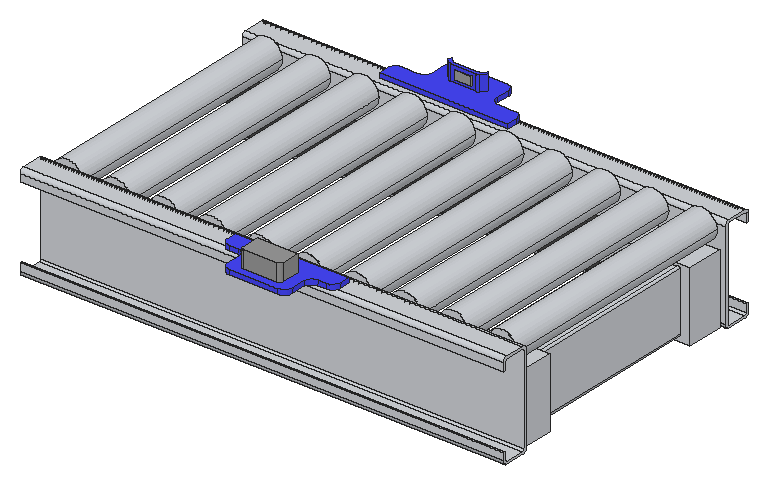
Revit family "C380_EXIT", category Specialty Equipment, Revit 2025
Family settings
  Round Connector Dimension = Use Diameter
  Part Type = Normal
  Work Plane-Based = No
  Enable Cutting in Views = No
  Always vertical = Yes
  Cut with Voids When Loaded = No
  Maintain Annotation Orientation = No
  Shared = No
  Room Calculation Point = No
Parameters (values of type "C351- 18"")
  Weight [instance] = 0
  Version = ""
  Subsystem [instance] = ""
  Special_Part_Number [instance] = ""
  Special_Description [instance] = ""
  Special_Bed [instance] = no
  Segment [instance] = ""
  SIO_Block_Number [instance] = ""
  SENSOR_ARRY [instance] = CLR_ZONES + CLR_SENSOR_SKEW  # 3' - 6"
  PULLY_LENGTH [instance] = CLR_NOMINAL_WIDTH - 0' 2 1/2" - 0' 4 5/8"  # 0' - 10 7/8"
  PHOTO_EYE_ARRAY [instance] = CLR_ZONES + CLR_PhotoEye_SP  # 3' - 2"
  Material_Number [instance] = ""
  MCP [instance] = ""
  Lookup Table Name [instance] = "PHOTO_EYE - C380"
  Load_Envelope_Height [instance] = 1' - 0"
  Load_Envelope [instance] = no
  IO_Block_Number [instance] = ""
  Field_Cut [instance] = no
  Estop_Zone [instance] = ""
  Error_State [instance] = no
  Default Elevation = 0' - 0"
  Conveyor_Number [instance] = "100"
  Conveyor_Elevation_Out [instance] = Conveyor_Elevation_In  # 2' - 6"
  Conveyor_Elevation_In [instance] = 2' - 6"
  CLR_ZONE_CONTROL = "N"
  CLR_ZONES [instance] = 2' - 0"
  CLR_VFD = no
  CLR_TE_POSITION = "N"
  CLR_TAKE_UP_SPRING_QUANTITY = 0
  CLR_TAKE_UP = "N"
  CLR_SUBCLASS = ""
  CLR_SPRING_COVER [instance] = no
  CLR_SPEED_FPM = 0
  CLR_SLAVE_RATIO = "N"
  CLR_SENSOR_SKEW [instance] = size_lookup(Lookup Table Name, "CSS", CLR_PhotoEye_SP, CLR_NOMINAL_WIDTH, CLR_ZONES, CLR_SENSOR_ANGLE)  # 1' - 6"
  CLR_SENSOR_MOUNT [instance] = "Side"
  CLR_SENSOR_HAND [instance] = "Left"
  CLR_SENSOR_ANGLE [instance] = 9.00°
  CLR_ROLLER_NUM [instance] = CLR_BED_LENGTH / CLR_ROLLER_CENTER  # 10
  CLR_ROLLER_CENTER [instance] = 0' - 3"
  CLR_PhotoEye_SP [instance] = if(CLR_ZONES = 3' 0", 1' 6", if(CLR_ZONES = 2' 0", 1' 2", 1' 2"))  # 1' - 2"
  CLR_PULLEY_TYPE = "N"
  CLR_POPOUT_CARRYING_ROLLERS [instance] = no
  CLR_NOMINAL_WIDTH + 1" [instance] = CLR_NOMINAL_WIDTH + 0' 1"  # 1' - 7"
  CLR_NOMINAL_WIDTH  -2.5" [instance] = CLR_NOMINAL_WIDTH - 0' 2 1/2"  # 1' - 3 1/2"
  CLR_NOMINAL_WIDTH [instance] = if(Bed_Width = 1' 6", 1' 6", if(Bed_Width = 2' 0", 2' 0", if(Bed_Width = 2' 6", 2' 6", if(Bed_Width = 3' 0", 3' 0", if(Bed_Width = 3' 6", 3' 6", 1' 6")))))  # 1' - 6"
  CLR_MOTOR_VOLTAGE = "N"
  CLR_MOTOR_TYPE = "N"
  CLR_MOTOR_HP = 0
  CLR_MODULE = ""
  CLR_LIFTER_ROLLER_CENTER [instance] = 0' - 6"
  CLR_FINGER_GUARD [instance] = no
  CLR_DRIVE_TRAIN_TYPE = "N"
  CLR_DRIVE_SIZE = 0
  CLR_CONTROL_VOLTAGE = "N"
  CLR_CONTROL_DEVICE = "N"
  CLR_CONNECTION_KIT = "N"
  CLR_CARRYING_ROLLER [instance] = "Standard\r\nStandard\r\nStandard"
  CLR_BOTTOM_COVERS [instance] = no
  CLR_BED_LENGTH [instance] = Bed_Length  # 2' - 6"
  CLR_ASSEMBLY_HAND = "N"
  CLR_AIR_BRAKE = 0
  Belting [instance] = if(Bed_Width = 1' 6", 0' 8", if(Bed_Width = 2' 0", 0' 8", if(Bed_Width = 2' 6", 0' 8", if(Bed_Width = 3' 0", 0' 8", if(Bed_Width = 3' 6", 0' 8", 0' 8")))))  # 0' - 8"
  Bed_Width [instance] = 1' - 6"
  Bed_Length [instance] = if(CLR_ZONES = 3' 0", 3' 6", if(CLR_ZONES = 2' 0", 2' 6", 3' 6"))  # 2' - 6"
  BREAK_ENTRY_LEN [instance] = if(CLR_ZONES = 3' 0", 1' 11 225/256", if(CLR_ZONES = 2' 0", 0' 11 223/256", 1' 11 225/256"))  # 0' - 11 223/256"
  BOTTOM_COVERS_LENGTH [instance] = Bed_Length  # 2' - 6"
  Asset ID [instance] = ""
  Air_Consumption [instance] = 0
Types (5): name | SENSOR_ARRY | PULLY_LENGTH | PHOTO_EYE_ARRAY | Lookup Table Name | Load_Envelope_Height | Conveyor_Elevation_Out | Conveyor_Elevation_In | CLR_ZONES | CLR_SENSOR_SKEW | CLR_ROLLER_NUM | CLR_PhotoEye_SP | CLR_NOMINAL_WIDTH + 1" | CLR_NOMINAL_WIDTH  -2.5" | CLR_NOMINAL_WIDTH | CLR_BED_LENGTH | Bed_Width | Bed_Length | BREAK_ENTRY_LEN | BOTTOM_COVERS_LENGTH
  C351- 18" | 3' - 6" | 0' - 10 7/8" | 3' - 2" | "PHOTO_EYE - C380" | 1' - 0" | 2' - 6" | 2' - 6" | 2' - 0" | 1' - 6" | 10 | 1' - 2" | 1' - 7" | 1' - 3 1/2" | 1' - 6" | 2' - 6" | 1' - 6" | 2' - 6" | 0' - 11 223/256" | 2' - 6"
  C351- 24" | 4' - 4" | 1' - 4 7/8" | 4' - 6" | "PHOTO_EYE" | 1' - 0" | 2' - 6" | 2' - 6" | 3' - 0" | 1' - 4" | 14 | 1' - 6" | 2' - 1" | 1' - 9 1/2" | 2' - 0" | 3' - 6" | 2' - 0" | 3' - 6" | 1' - 11 225/256" | 3' - 6"
  C351- 30" | 4' - 6" | 1' - 10 7/8" | 4' - 6" | "PHOTO_EYE" | 1' - 0" | 2' - 7 51/256" | 2' - 7 51/256" | 3' - 0" | 1' - 6" | 14 | 1' - 6" | 2' - 7" | 2' - 3 1/2" | 2' - 6" | 3' - 6" | 2' - 6" | 3' - 6" | 1' - 11 225/256" | 3' - 6"
  C351- 36" | 3' - 2" | 2' - 4 7/8" | 3' - 2" | "PHOTO_EYE" | 0' - 11.55696" | 2' - 6.44304" | 2' - 6.44304" | 2' - 0" | 1' - 2" | 10 | 1' - 2" | 3' - 1" | 2' - 9 1/2" | 3' - 0" | 2' - 6" | 3' - 0" | 2' - 6" | 0' - 11 223/256" | 2' - 6"
  C351- 42" | 4' - 8" | 2' - 10 7/8" | 4' - 6" | "PHOTO_EYE" | 1' - 0" | 2' - 7 51/256" | 2' - 7 51/256" | 3' - 0" | 1' - 8" | 14 | 1' - 6" | 3' - 7" | 3' - 3 1/2" | 3' - 6" | 3' - 6" | 3' - 6" | 3' - 6" | 1' - 11 225/256" | 3' - 6"
Reference planes (in)
  plane 1 "Centerline": y = 0
  plane 2: z = 0
  plane 3 "Entry_End": x = 0
  plane 4 "Top_of_Roller": z = 30
  plane 5 "Top_of_SideFrame": z = 29.71
  plane 6 "Bot_of_SideFrame": z = 23.71
  plane 7 "LH_Out": y = 9.5
  plane 8 "RH_Out": y = -9.5
  plane 9 "RH_In": y = -7.75
  plane 10 "LH_In": y = 7.75
  plane 11 "Exit_End": x = 30
  plane 12 "PhotoEye_SP": x = 16
  plane 13 "Sensor_Skew": x = 12
  plane 14: x = 60.81944
  plane 15: y = -38.13976
  plane 16: z = 30
  plane 17: z = 42
  plane 18: y = -7.75
  plane 19: y = 7.75
  plane 20: x = 23.75
  plane 21: x = 12.25
  plane 22: y = 7
  plane 23: x = 11.75
  plane 24: x = 0.25
  plane 25: y = 7
  plane 26: y = 6.25
  plane 27: y = 6.25
  plane 28 "BREAK": z = 27.805
  plane 29: x = 12
  plane 30: x = 31.33658
  plane 31: x = 19.83658
  plane 32: y = 25.5
  plane 33: x = 19.33658
  plane 34: x = 7.83658
  plane 35: y = 25.5
  plane 36: y = 24.75
  plane 37: y = 24.75
  plane 38: x = 19.58658
  plane 39: x = 19.58658
  plane 40: x = 7.83658
  plane 41: y = 7
  plane 42: y = 25.5
  plane 43: y = 5.4375
  plane 44: y = -5.4375
Forms (in)
  Extrusion 1, solid, detail levels coarse+medium
    sketch origin (0, 0, 0) x (0, 1, 0) y (0, 0, 1)
      loop
        line (9.5, 29.71) -> (-9.5, 29.71) -> (-9.5, 23.71) -> (9.5, 23.71) -> (9.5, 29.71)
    from 0 to 30
  Extrusion 2, solid, material "Load Envelope", visible <- "Load_Envelope"
    sketch origin (0, 0, 0) x (0, 1, 0) y (0, 0, 1)
      loop
        line (7.75, 42) -> (-7.75, 42) -> (-7.75, 30) -> (7.75, 30) -> (7.75, 42)
    from 0 to 30
  Extrusion 3, solid, material "BREAK"
    sketch origin (-92.75, -32.40488, 22.32745) x (0, 1, 0) y (-1, 0, 0)
      loop
        line (39.40488, -116.5) -> (39.40488, -105) -> (39.15488, -105) -> (39.15488, -104.5) -> (39.40488, -104.5) -> (39.40488, -93) -> (38.65488, -93) -> (38.65488, -104.5) -> (38.90488, -104.5) -> (38.90488, -105) -> (38.65488, -105) -> (38.65488, -116.5) -> (39.40488, -116.5)
    from 2.81755 to 5.47755
  Extrusion 4, solid, material "BREAK", not visible
    sketch origin (-85.16342, -13.90488, 22.77048) x (0, 1, 0) y (-1, 0, 0)
      loop
        line (39.40488, -116.5) -> (39.40488, -105) -> (39.15488, -105) -> (39.15488, -104.5) -> (39.40488, -104.5) -> (39.40488, -93) -> (38.65488, -93) -> (38.65488, -104.5) -> (38.90488, -104.5) -> (38.90488, -105) -> (38.65488, -105) -> (38.65488, -116.5) -> (39.40488, -116.5)
    from 2.81755 to 5.47755
  Extrusion 5, solid
    sketch origin (29.07374, -6.93, 0) x (-1, 0, 0) y (0, 0, 1)
      loop
        circle (2.57374, 25.93) r 1.94
    from 1.4925 to 12.3675
  Extrusion 6, solid
    sketch origin (30, -5.44, 0) x (1, 0, 0) y (0, 0, 1)
      loop
        line (-0.38, 28.04) -> (-6, 28.04) -> (-6, 23.71) -> (-0.38, 23.71) -> (-0.38, 28.04)
    from 0 to 2.31
  Extrusion 7, solid, detail levels fine
    sketch origin (30, 13.75, 0) x (1, 0, 0) y (0, 0, 1)
      loop
        line (-0.38, 28.04) -> (-6, 28.04) -> (-6, 23.71) -> (-0.38, 23.71) -> (-0.38, 28.04)
    from 6 to 8.31
  Extrusion 8, solid
    sketch origin (30.1444, 3, 0) x (-1, 0, 0) y (0, 0, 1)
      loop
        arc (1.1444, 24.115) -> (1.18102, 24.02661) -> (1.2694, 23.99) r 0.125
        line (1.2694, 23.99) -> (1.8944, 23.99) -> (1.8944, 24.06813) -> (1.2869, 24.06813)
        arc (1.2869, 24.06813) -> (1.24271, 24.08643) -> (1.2244, 24.13063) r 0.0625
        line (1.2244, 24.13063) -> (1.2244, 27.72938)
        arc (1.2244, 27.72938) -> (1.24271, 27.77357) -> (1.2869, 27.79188) r 0.0625
        line (1.2869, 27.79188) -> (1.8944, 27.79188) -> (1.8944, 27.87) -> (1.2694, 27.87)
        arc (1.2694, 27.87) -> (1.18102, 27.83339) -> (1.1444, 27.745) r 0.125
        line (1.1444, 27.745) -> (1.1444, 24.115)
    from -8.4375 to 2.4375
Lines and regions (in)
  model lines, style "Belt"
    curve 1: line (0, 4, 30) -> (30, 4, 30)
    curve 2: line (0, -4, 30) -> (0, 4, 30)
    curve 3: line (30, -4, 30) -> (0, -4, 30)
    curve 4: line (30, 4, 30) -> (30, -4, 30)
  model lines, style "Centerline"
    curve 5: line (0, 0, 30) -> (30, 0, 30)
  model lines, style "Flow Arrow", not visible
    curve 6: line (108.81944, -38.13976, 30) -> (132.81944, -38.13976, 30)
    curve 7: line (132.81944, -38.13976, 30) -> (122.42713, -32.13976, 30)
    curve 8: line (132.81944, -38.13976, 30) -> (122.42713, -44.13976, 30)
Dimensions and locks (in)
  equal spacing: plane 10 "LH_In", plane 1 "Centerline", plane 9 "RH_In"
  "CLR_NOMINAL_WIDTH  -2.5"": plane 10 "LH_In" to plane 9 "RH_In"
  equal spacing: plane 7 "LH_Out", plane 1 "Centerline", plane 8 "RH_Out"
  "CLR_NOMINAL_WIDTH + 1"": plane 7 "LH_Out" to plane 8 "RH_Out"
  "Conveyor_Elevation_In": plane 4 "Top_of_Roller" to level
  locked: plane 4 "Top_of_Roller" to plane 5 "Top_of_SideFrame" at 0.29
  locked: plane 5 "Top_of_SideFrame" to plane 6 "Bot_of_SideFrame" at 6
  locked: nested 1 to plane 6 "Bot_of_SideFrame"
  locked: nested 1 to plane 10 "LH_In"
  locked: plane 6 "Bot_of_SideFrame" to nested 2
  locked: plane 9 "RH_In" to nested 2
  locked: plane 3 "Entry_End" to nested 3 at 1.5
  locked: plane 4 "Top_of_Roller" to nested 3
  equal spacing: group 1, group 2, group 3, group 4, group 5, group 6, group 7, group 8, group 12, group 13  (x3)
  locked: plane 3 "Entry_End" to nested 4 at 4.5
  "CLR_BED_LENGTH": plane 3 "Entry_End" to plane 11 "Exit_End"
  "CLR_PhotoEye_SP": plane 11 "Exit_End" to plane 12 "PhotoEye_SP"
  "CLR_SENSOR_SKEW": plane 11 "Exit_End" to plane 13 "Sensor_Skew"
  locked: plane 5 "Top_of_SideFrame" to nested 11
  locked: plane 8 "RH_Out" to nested 12
  locked: plane 5 "Top_of_SideFrame" to nested 12
  equal spacing: curve 3, plane 1 "Centerline", curve 1
  "Belting": curve 3 to curve 1
  equal spacing: plane 19, plane 1 "Centerline", plane 18
  "CLR_NOMINAL_WIDTH  -2.5"": plane 19 to plane 18
  "Load_Envelope_Height": plane 17 to plane 16
  locked: plane 3 "Entry_End" to nested 15
  locked: plane 27 to plane 22 at 0.75
  locked: plane 26 to plane 25 at 0.75
  plane 23 to plane 21 = 0' - 0 1/2"
  locked: plane 24 to plane 23 at 11.5
  locked: plane 21 to plane 20 at 11.5
  locked: plane 28 "BREAK" to plane 4 "Top_of_Roller" at 2.195
  Extrusion 3 to Extrusion 3 = 0' - 2.66"
  locked: plane 29 to Extrusion 3 sketch curve at 0.25
  locked: Extrusion 3 sketch curve to plane 29 at 0.25
  locked: plane 37 to plane 32 at 0.75
  locked: plane 36 to plane 35 at 0.75
  plane 33 to plane 31 = 0' - 0 1/2"
  locked: plane 34 to plane 33 at 11.5
  locked: plane 31 to plane 30 at 11.5
  locked: plane 38 to Extrusion 4 sketch curve at 0.25
  locked: Extrusion 4 sketch curve to plane 38 at 0.25
  locked: plane 41 to plane 10 "LH_In" at 0.75
  locked: plane 41 to Extrusion 3
  locked: Extrusion 6 sketch curve to Extrusion 6 sketch curve at 5.62
  locked: Extrusion 7 sketch curve to Extrusion 7 sketch curve at 5.62
  locked: Extrusion 8 sketch curve to Extrusion 8 sketch curve at 0.08
  locked: Extrusion 7 to plane 10 "LH_In"
  equal spacing: plane 43, plane 1 "Centerline", plane 44  (x2)
  locked: Extrusion 7 to Extrusion 7 at 2.31
  plane 43 to Extrusion 7 = 0' - 0.0025"
  Extrusion 8 to plane 43 = 0' - 0"
  locked: plane 44 to Extrusion 5
  locked: plane 44 to Extrusion 8
  locked: Extrusion 6 to Extrusion 6 at 2.31
  locked: Extrusion 6 to plane 9 "RH_In"
  locked: plane 11 "Exit_End" to Extrusion 6 at 0.38
  locked: plane 11 "Exit_End" to Extrusion 7 at 0.38
  locked: plane 11 "Exit_End" to Extrusion 5 sketch curve at 3.5
  locked: Extrusion 5 sketch curve to plane 6 "Bot_of_SideFrame" at 2.22
  locked: plane 11 "Exit_End" to Extrusion 8 at 1
  locked: plane 28 "BREAK" to Extrusion 3
  locked: Extrusion 3 to plane 11 "Exit_End" at 6.25
  "PULLY_LENGTH": plane 43 to plane 44
  aligned and locked: level to plane 2
  aligned and locked: plane 3 "Entry_End" to nested 1
  aligned and locked: plane 3 "Entry_End" to nested 2
  aligned and locked: plane 1 "Centerline" to nested 3
  aligned and locked: nested 11 to plane 13 "Sensor_Skew"
  aligned and locked: plane 7 "LH_Out" to nested 11
  aligned and locked: plane 12 "PhotoEye_SP" to nested 12
  aligned and locked: plane 3 "Entry_End" to curve 2
  aligned and locked: curve 4 to plane 11 "Exit_End"
  aligned and locked: Extrusion 1 to plane 7 "LH_Out"
  aligned and locked: plane 5 "Top_of_SideFrame" to Extrusion 1
  aligned and locked: Extrusion 1 to plane 6 "Bot_of_SideFrame"
  aligned and locked: plane 11 "Exit_End" to Extrusion 1
  aligned and locked: plane 4 "Top_of_Roller" to plane 16
  aligned and locked: plane 17 to Extrusion 2 sketch curve
  aligned and locked: Extrusion 2 sketch curve to plane 10 "LH_In"
  aligned and locked: Extrusion 2 sketch curve to nested 3  (x2)
  aligned and locked: plane 11 "Exit_End" to Extrusion 2
  aligned and locked: nested 15 to plane 6 "Bot_of_SideFrame"
  aligned and locked: plane 1 "Centerline" to nested 15
  aligned and locked: Extrusion 3 sketch curve to plane 22
  aligned and locked: Extrusion 3 sketch curve to plane 20
  aligned and locked: Extrusion 3 sketch curve to plane 27
  aligned and locked: Extrusion 3 sketch curve to plane 26
  aligned and locked: Extrusion 3 sketch curve to plane 24
  aligned and locked: Extrusion 4 sketch curve to plane 32
  aligned and locked: Extrusion 4 sketch curve to plane 30
  aligned and locked: Extrusion 4 sketch curve to plane 37
  aligned and locked: Extrusion 4 sketch curve to plane 36
  aligned and locked: Extrusion 4 sketch curve to plane 35
  aligned and locked: Extrusion 4 sketch curve to plane 34
  aligned and locked: plane 4 "Top_of_Roller" to nested 14
  aligned and locked: Extrusion 5 to plane 44
  aligned and locked: plane 43 to Extrusion 5
  aligned and locked: plane 43 to Extrusion 8
Automatic sketch dimensions
  plane 9 "RH_In" to Extrusion 1 sketch curve = 0' - 1 3/4"
  Extrusion 1 sketch curve to plane 10 "LH_In" = 0' - 1 3/4"
  Extrusion 1 sketch curve to plane 6 "Bot_of_SideFrame" = 0' - 0"
  plane 6 "Bot_of_SideFrame" to Extrusion 1 sketch curve = 0' - 6"
  plane 1 "Centerline" to curve 5 = 0' - 0"
  Extrusion 3 sketch curve to plane 21 = 0' - 0"
  Extrusion 3 sketch curve to plane 23 = 0' - 0"
  Extrusion 3 sketch curve to Extrusion 3 sketch curve = 0' - 0 1/4"
  plane 22 to Extrusion 3 sketch curve = 0' - 0 1/4"
  Extrusion 4 sketch curve to plane 31 = 0' - 0"
  Extrusion 4 sketch curve to plane 33 = 0' - 0"
  Extrusion 4 sketch curve to Extrusion 4 sketch curve = 0' - 0 1/4"
  plane 32 to Extrusion 4 sketch curve = 0' - 0 1/4"
  Extrusion 3 sketch curve to plane 22 = 0' - 0"
  Extrusion 6 sketch curve to plane 6 "Bot_of_SideFrame" = 0' - 0"
  plane 28 "BREAK" to Extrusion 6 sketch curve = 0' - 0.235"
  Extrusion 6 sketch curve to plane 11 "Exit_End" = 0' - 6"
  Extrusion 7 sketch curve to plane 6 "Bot_of_SideFrame" = 0' - 0"
  plane 28 "BREAK" to Extrusion 7 sketch curve = 0' - 0.235"
  Extrusion 7 sketch curve to plane 11 "Exit_End" = 0' - 6"
  plane 6 "Bot_of_SideFrame" to Extrusion 8 sketch curve = 0' - 0.405"
  Extrusion 8 sketch curve to plane 11 "Exit_End" = 0' - 1"
  Extrusion 8 sketch curve to Extrusion 8 sketch curve = 0' - 0.045"  (x2)
  plane 28 "BREAK" to Extrusion 8 sketch curve = 0' - 0.065"
  Extrusion 8 sketch curve to Extrusion 8 sketch curve = 0' - 0.0175"  (x2)
  Extrusion 8 sketch curve to Extrusion 8 sketch curve = 0' - 0.6075"  (x2)
  Extrusion 8 sketch curve to Extrusion 8 sketch curve = 0' - 0 5/64"
  Extrusion 8 sketch curve to Extrusion 8 sketch curve = 0' - 0 1/64"
  radius of Extrusion 5 sketch curve = 0' - 1.94"
Nested families (in)
  nested 1: "SW0024A" at (15, 8.625, -0.29) x (0, -1, 0) z (0, 0, 1), Bed_Length <- "CLR_BED_LENGTH", type "SW0024A", detail levels fine
    with Conveyor_Elevation_In 2' - 6", Bed_Length 2' - 6"
  nested 2: "SW0023A" at (15, -8.625, -0.29) x (0, -1, 0) z (0, 0, 1), Bed_Length <- "CLR_BED_LENGTH", type "SW0023A", detail levels fine
    with Conveyor_Elevation_In 2' - 6", Bed_Length 2' - 6"
  nested 3: "SW0289" at (1.5, 0, 0), B <- "CLR_NOMINAL_WIDTH  -2.5"", type "SW0289", detail levels fine
    with Conveyor_Elevation_In 2' - 6", B 1' - 3 1/2"
  nested 4: "SW0289" at (4.5, 0, 0), B <- "CLR_NOMINAL_WIDTH  -2.5"", type "SW0289", detail levels fine
    with Conveyor_Elevation_In 2' - 6", B 1' - 3 1/2"
  nested 5: "SW0289" at (7.5, 0, 0), B <- "CLR_NOMINAL_WIDTH  -2.5"", type "SW0289", detail levels fine
    with Conveyor_Elevation_In 2' - 6", B 1' - 3 1/2"
  nested 6: "SW0289" at (10.5, 0, 0), B <- "CLR_NOMINAL_WIDTH  -2.5"", type "SW0289", detail levels fine
    with Conveyor_Elevation_In 2' - 6", B 1' - 3 1/2"
  nested 7: "SW0289" at (13.5, 0, 0), B <- "CLR_NOMINAL_WIDTH  -2.5"", type "SW0289", detail levels fine
    with Conveyor_Elevation_In 2' - 6", B 1' - 3 1/2"
  nested 8: "SW0289" at (16.5, 0, 0), B <- "CLR_NOMINAL_WIDTH  -2.5"", type "SW0289", detail levels fine
    with Conveyor_Elevation_In 2' - 6", B 1' - 3 1/2"
  nested 9: "SW0289" at (19.5, 0, 0), B <- "CLR_NOMINAL_WIDTH  -2.5"", type "SW0289", detail levels fine
    with Conveyor_Elevation_In 2' - 6", B 1' - 3 1/2"
  nested 10: "SW0289" at (22.5, 0, 0), B <- "CLR_NOMINAL_WIDTH  -2.5"", type "SW0289", detail levels fine
    with Conveyor_Elevation_In 2' - 6", B 1' - 3 1/2"
  nested 11: "SW0014" at (12, 9.5, -0.00094), type "SW0014"
  nested 12: "SW0037-01" at (16, -9.5, -0.00094), type "SW0037-01"
    with Conveyor_Elevation_In 2' - 5 91/128"
  nested 13: "SW0289" at (25.5, 0, 0), B <- "CLR_NOMINAL_WIDTH  -2.5"", type "SW0289", detail levels fine
    with Conveyor_Elevation_In 2' - 6", B 1' - 3 1/2"
  nested 14: "SW0289" at (28.5, 0, 0), B <- "CLR_NOMINAL_WIDTH  -2.5"", type "SW0289", detail levels fine
    with Conveyor_Elevation_In 2' - 6", B 1' - 3 1/2"
  nested 15: "SW0046" at (15, 0, 0), CLR_NOMINAL_WIDTH <- "CLR_NOMINAL_WIDTH  -2.5"", bottom cover length <- "BOTTOM_COVERS_LENGTH", visible <- "CLR_BOTTOM_COVERS", type "SW0046", detail levels fine
    with bottom cover length 30.000", Nominal wedith 15.268", CLR_NOMINAL_WIDTH 1' - 3 1/2"
Connectors (in)
  cabletrayconduit at (30, 0, 26.71), diameter 6
    settings: on Extrusion 1, index 1, connector width 1' - 0", connector height 1' - 0", connector angle 0.00°, system type 32, placement type 0, profile type 0, connector reference index -1, is primary connector yes, connector utility param no, connector description ""
  cabletrayconduit at (0, 0, 26.71), diameter 6
    settings: on Extrusion 1, index 2, connector width 1' - 0", connector height 1' - 0", connector angle 0.00°, system type 32, placement type 0, profile type 0, connector reference index -1, is primary connector no, connector utility param no, connector description ""
Definition of nested family "SW0024A"
  Parameters (values of type "SW0024A")
    Description = "SW0001A - 6.00 X 1.75 X \"A\" LG"
    Default Elevation = 0' - 0"
    Conveyor_Elevation_In [instance] = 2' - 6"
    Bed_Length [instance] = 12' - 0"
  Reference planes (in)
    plane 1 "Center (Front/Back)": y = 0
    plane 2: z = 0
    plane 3 "Centerline": x = 0
    plane 4 "Bot_of_SideFrame": z = 24
    plane 5 "Top_of_SideFrame": z = 30
    plane 6 "LH_Out": x = 0.875
    plane 7 "LH_In": x = -0.875
    plane 8 "Entry_End": y = -72
    plane 9 "Exit_End": y = 72
  Forms (in)
    Extrusion 1, solid
      sketch origin (0, 0, 0) x (1, 0, 0) y (0, 0, 1)
        loop
          arc (-0.615, 30) -> (-0.79885, 29.92385) -> (-0.875, 29.74) r 0.26
          line (-0.875, 29.74) -> (-0.875, 29.25) -> (-0.74609, 29.25) -> (-0.74609, 29.75109)
          arc (-0.74609, 29.75109) -> (-0.71095, 29.83595) -> (-0.62609, 29.87109) r 0.12
          line (-0.62609, 29.87109) -> (0.62609, 29.87109)
          arc (0.62609, 29.87109) -> (0.71095, 29.83595) -> (0.74609, 29.75109) r 0.12
          line (0.74609, 29.75109) -> (0.74609, 24.24891)
          arc (0.74609, 24.24891) -> (0.71095, 24.16405) -> (0.62609, 24.12891) r 0.12
          line (0.62609, 24.12891) -> (-0.62609, 24.12891)
          arc (-0.62609, 24.12891) -> (-0.71095, 24.16405) -> (-0.74609, 24.24891) r 0.12
          line (-0.74609, 24.24891) -> (-0.74609, 24.75) -> (-0.875, 24.75) -> (-0.875, 24.26)
          arc (-0.875, 24.26) -> (-0.79885, 24.07615) -> (-0.615, 24) r 0.26
          line (-0.615, 24) -> (0.615, 24)
          arc (0.615, 24) -> (0.79885, 24.07615) -> (0.875, 24.26) r 0.26
          line (0.875, 24.26) -> (0.875, 29.74)
          arc (0.875, 29.74) -> (0.79885, 29.92385) -> (0.615, 30) r 0.26
          line (0.615, 30) -> (-0.615, 30)
      from -72 to 72
  Dimensions and locks (in)
    "Conveyor_Elevation_In": plane 5 "Top_of_SideFrame" to level
    locked: plane 5 "Top_of_SideFrame" to plane 4 "Bot_of_SideFrame" at 6
    equal spacing: plane 6 "LH_Out", plane 3 "Centerline", plane 7 "LH_In"
    plane 6 "LH_Out" to plane 7 "LH_In" = 0' - 1 3/4"
    plane 6 "LH_Out" to plane 3 "Centerline" = 0' - 0 7/8"
    equal spacing: plane 9 "Exit_End", plane 1 "Center (Front/Back)", plane 8 "Entry_End"
    "Bed_Length": plane 9 "Exit_End" to plane 8 "Entry_End"
    aligned and locked: plane 2 to level
    aligned and locked: Extrusion 1 sketch curve to plane 5 "Top_of_SideFrame"
    aligned and locked: plane 7 "LH_In" to Extrusion 1 sketch curve
    aligned and locked: plane 4 "Bot_of_SideFrame" to Extrusion 1 sketch curve
    aligned and locked: plane 6 "LH_Out" to Extrusion 1 sketch curve
    aligned and locked: Extrusion 1 to plane 8 "Entry_End"
    aligned and locked: plane 9 "Exit_End" to Extrusion 1
  Automatic sketch dimensions
    Extrusion 1 sketch curve to plane 7 "LH_In" = 0' - 0"
    Extrusion 1 sketch curve to Extrusion 1 sketch curve = 0' - 0 33/256"  (x2)
    Extrusion 1 sketch curve to Extrusion 1 sketch curve = 0' - 0.12"  (x3)
    Extrusion 1 sketch curve to Extrusion 1 sketch curve = 0' - 0.01109"  (x5)
    Extrusion 1 sketch curve to plane 5 "Top_of_SideFrame" = 0' - 0.26"
    plane 6 "LH_Out" to Extrusion 1 sketch curve = 0' - 0.26"
    plane 4 "Bot_of_SideFrame" to Extrusion 1 sketch curve = 0' - 0 33/256"
    Extrusion 1 sketch curve to Extrusion 1 sketch curve = 0' - 0.49"  (x2)
Definition of nested family "SW0023A"
  Parameters (values of type "SW0023A")
    Description = "SW0001A - 6.00 X 1.75 X \"A\" LG"
    Default Elevation = 0' - 0"
    Conveyor_Elevation_In [instance] = 2' - 6"
    Bed_Length [instance] = 12' - 0"
  Reference planes (in)
    plane 1 "Center (Front/Back)": y = 0
    plane 2: z = 0
    plane 3 "CenterLine": x = 0
    plane 4 "Bot_of_SideFrame": z = 24
    plane 5 "Top_of_SideFrame": z = 30
    plane 6 "RH_OUT": x = 0.875
    plane 7 "RH_IN": x = -0.875
    plane 8 "Entry_End": y = -72
    plane 9 "Exit_End": y = 72
  Forms (in)
    Extrusion 1, solid
      sketch origin (0, 0, 0) x (1, 0, 0) y (0, 0, 1)
        loop
          arc (-0.615, 30) -> (-0.79885, 29.92385) -> (-0.875, 29.74) r 0.26
          line (-0.875, 29.74) -> (-0.875, 24.26)
          arc (-0.875, 24.26) -> (-0.79885, 24.07615) -> (-0.615, 24) r 0.26
          line (-0.615, 24) -> (0.615, 24)
          arc (0.615, 24) -> (0.79885, 24.07615) -> (0.875, 24.26) r 0.26
          line (0.875, 24.26) -> (0.875, 24.75) -> (0.74219, 24.75) -> (0.74219, 24.25281)
          arc (0.74219, 24.25281) -> (0.70704, 24.16796) -> (0.62219, 24.13281) r 0.12
          line (0.62219, 24.13281) -> (-0.62219, 24.13281)
          arc (-0.62219, 24.13281) -> (-0.70704, 24.16796) -> (-0.74219, 24.25281) r 0.12
          line (-0.74219, 24.25281) -> (-0.74219, 29.74719)
          arc (-0.74219, 29.74719) -> (-0.70704, 29.83204) -> (-0.62219, 29.86719) r 0.12
          line (-0.62219, 29.86719) -> (0.62219, 29.86719)
          arc (0.62219, 29.86719) -> (0.70704, 29.83204) -> (0.74219, 29.74719) r 0.12
          line (0.74219, 29.74719) -> (0.74219, 29.25) -> (0.875, 29.25) -> (0.875, 29.74)
          arc (0.875, 29.74) -> (0.79885, 29.92385) -> (0.615, 30) r 0.26
          line (0.615, 30) -> (-0.615, 30)
      from -72 to 72
  Dimensions and locks (in)
    equal spacing: plane 6 "RH_OUT", plane 3 "CenterLine", plane 7 "RH_IN", locked at 0.875 each
    "Conveyor_Elevation_In": plane 5 "Top_of_SideFrame" to level
    locked: plane 5 "Top_of_SideFrame" to plane 4 "Bot_of_SideFrame" at 6
    plane 6 "RH_OUT" to plane 7 "RH_IN" = 0' - 1 3/4"
    equal spacing: plane 9 "Exit_End", plane 1 "Center (Front/Back)", plane 8 "Entry_End"
    "Bed_Length": plane 9 "Exit_End" to plane 8 "Entry_End"
    aligned and locked: plane 2 to level
    aligned and locked: Extrusion 1 to plane 8 "Entry_End"
    aligned and locked: plane 9 "Exit_End" to Extrusion 1
  Automatic sketch dimensions
    Extrusion 1 sketch curve to plane 7 "RH_IN" = 0' - 0"
    Extrusion 1 sketch curve to plane 4 "Bot_of_SideFrame" = 0' - 0"
    Extrusion 1 sketch curve to plane 5 "Top_of_SideFrame" = 0' - 0"
    Extrusion 1 sketch curve to plane 6 "RH_OUT" = 0' - 0"  (x2)
    Extrusion 1 sketch curve to Extrusion 1 sketch curve = 0' - 0.12"  (x3)
    Extrusion 1 sketch curve to Extrusion 1 sketch curve = 0' - 0.00719"  (x9)
    Extrusion 1 sketch curve to plane 6 "RH_OUT" = 0' - 0 17/128"
    Extrusion 1 sketch curve to Extrusion 1 sketch curve = 0' - 0.12719"
    Extrusion 1 sketch curve to Extrusion 1 sketch curve = 0' - 0.49719"
    Extrusion 1 sketch curve to Extrusion 1 sketch curve = 0' - 0.49"
    Extrusion 1 sketch curve to Extrusion 1 sketch curve = 0' - 0"
    plane 7 "RH_IN" to Extrusion 1 sketch curve = 0' - 0 17/128"
Definition of nested family "SW0289"
  Parameters (values of type "SW0289")
    Default Elevation = 0' - 0"
    Conveyor_Elevation_In [instance] = 2' - 6"
    B [instance] = 2' - 3 1/2"
  Reference planes (in)
    plane 1 "Center (Front/Back)": y = 0
    plane 2: z = 0
    plane 3 "Center (Left/Right)": x = 0
    plane 4 "Top_of_Roller": z = 30
    plane 5 "RH_In": y = -13.75
    plane 6 "LH_In": y = 13.75
    plane 7: z = 29.0625
  Forms (in)
    Extrusion 1, solid
      sketch origin (0, 0, 1.0625) x (1, 0, 0) y (0, 0, 1)
        loop
          circle (0, 28) r 0.9375
      from -13.75 to 13.75
  Dimensions and locks (in)
    "Conveyor_Elevation_In": plane 4 "Top_of_Roller" to level
    plane 4 "Top_of_Roller" to Extrusion 1 sketch curve = 0' - 0 15/16"
    equal spacing: plane 6 "LH_In", plane 1 "Center (Front/Back)", plane 5 "RH_In"
    "B": plane 6 "LH_In" to plane 5 "RH_In"
    locked: plane 4 "Top_of_Roller" to plane 7 at 0.9375
    diameter of Extrusion 1 sketch curve = 0' - 1 7/8"
    aligned and locked: level to plane 2
    aligned and locked: Extrusion 1 to plane 5 "RH_In"
    aligned and locked: plane 6 "LH_In" to Extrusion 1
    aligned and locked: plane 7 to Extrusion 1
  Automatic sketch dimensions
    Extrusion 1 sketch curve to plane 3 "Center (Left/Right)" = 0' - 0"
Definition of nested family "SW0014"
  Parameters (values of type "SW0014")
    Default Elevation = 4' - 0"
    Conveyor_Elevation_In = 2' - 5 91/128"
  Reference planes (in)
    plane 1 "Center (Front/Back)": y = 0
    plane 2: z = 0
    plane 3 "Center (Left/Right)": x = 0
    plane 4: y = 1.88
    plane 5: x = 4
    plane 6: x = -4
    plane 7: y = -1.13
    plane 8: x = -1.25
    plane 9: x = 1.25
    plane 10: z = 30.47656
    plane 11 "Top_of_SideFrame": z = 29.71094
  Forms (in)
    Extrusion 1, solid
      sketch origin (0, 0, 0) x (1, 0, 0) y (0, 1, 0)
        loop
          line (-4, -1.13) -> (4, -1.13) -> (4, -0.5)
          arc (4, -0.5) -> (3.85355, -0.14645) -> (3.5, 0) r 0.5
          line (3.5, 0) -> (2.5, 0)
          arc (2.5, 0) -> (2.14645, 0.14645) -> (2, 0.5) r 0.5
          line (2, 0.5) -> (2, 1.38)
          arc (2, 1.38) -> (1.85355, 1.73355) -> (1.5, 1.88) r 0.5
          line (1.5, 1.88) -> (-1.5, 1.88)
          arc (-1.5, 1.88) -> (-1.85355, 1.73355) -> (-2, 1.38) r 0.5
          line (-2, 1.38) -> (-2, 0.5)
          arc (-2, 0.5) -> (-2.14645, 0.14645) -> (-2.5, 0) r 0.5
          line (-2.5, 0) -> (-3.5, 0)
          arc (-3.5, 0) -> (-3.85355, -0.14645) -> (-4, -0.5) r 0.5
          line (-4, -0.5) -> (-4, -1.13)
      from 29.71094 to 30
    Extrusion 2, solid
      sketch origin (0, 0, 30) x (1, 0, 0) y (0, 1, 0)
        loop
          line (-1.25, 0.75) -> (-0.96967, 0.46967)
          arc (-0.96967, 0.46967) -> (-0.88856, 0.41548) -> (-0.79289, 0.39645) r 0.25
          line (-0.79289, 0.39645) -> (0.79289, 0.39645)
          arc (0.79289, 0.39645) -> (0.88856, 0.41548) -> (0.96967, 0.46967) r 0.25
          line (0.96967, 0.46967) -> (1.25, 0.75) -> (1.11261, 0.88739) -> (0.88919, 0.66397)
          arc (0.88919, 0.66397) -> (0.80808, 0.60978) -> (0.71241, 0.59075) r 0.25
          line (0.71241, 0.59075) -> (-0.71241, 0.59075)
          arc (-0.71241, 0.59075) -> (-0.80808, 0.60978) -> (-0.88919, 0.66397) r 0.25
          line (-0.88919, 0.66397) -> (-1.11261, 0.88739) -> (-1.25, 0.75)
      from 0 to 0.94922
    Extrusion 3, solid
      sketch origin (0.89645, 0.39645, 29.47656) x (-1, 0, 0) y (0, 0, -1)
        loop
          line (1.39645, -1.26562) -> (1.39645, -0.73437) -> (0.39645, -0.73437) -> (0.39645, -1.26562) -> (1.39645, -1.26562)
      from 0 to 0.06578
  Dimensions and locks (in)
    equal spacing: plane 6, plane 3 "Center (Left/Right)", plane 5
    equal spacing: Extrusion 1 sketch curve, plane 3 "Center (Left/Right)", Extrusion 1 sketch curve
    equal spacing: Extrusion 3 sketch curve, plane 3 "Center (Left/Right)", Extrusion 3 sketch curve
    equal spacing: Extrusion 3 sketch curve, plane 10, Extrusion 3 sketch curve
    Extrusion 3 sketch curve to Extrusion 3 sketch curve = 0' - 1"
    Extrusion 3 sketch curve to Extrusion 3 sketch curve = 0' - 0 17/32"
    Extrusion 1 sketch curve to Extrusion 1 sketch curve = 0' - 4"
    plane 1 "Center (Front/Back)" to plane 4 = 0' - 1.88"
    plane 6 to plane 5 = 0' - 8"
    plane 1 "Center (Front/Back)" to plane 7 = 0' - 1.13"
    "Conveyor_Elevation_In": plane 11 "Top_of_SideFrame" to level
    locked: Extrusion 1 to plane 11 "Top_of_SideFrame" at 0.28906
    locked: Extrusion 1 to Extrusion 3 at 0.5
    aligned and locked: plane 2 to level
    aligned and locked: Extrusion 1 sketch curve to plane 4
    aligned and locked: plane 5 to Extrusion 1 sketch curve
    aligned and locked: Extrusion 1 sketch curve to plane 7
    aligned and locked: plane 11 "Top_of_SideFrame" to Extrusion 1
  Automatic sketch dimensions
    Extrusion 1 sketch curve to plane 6 = 0' - 0"
    plane 1 "Center (Front/Back)" to Extrusion 1 sketch curve = 0' - 0"  (x2)
    Extrusion 1 sketch curve to Extrusion 1 sketch curve = 0' - 0 1/2"  (x4)
    Extrusion 1 sketch curve to plane 1 "Center (Front/Back)" = 0' - 0 1/2"
    Extrusion 1 sketch curve to plane 4 = 0' - 0 1/2"
    Extrusion 2 sketch curve to Extrusion 1 = 0' - 0 3/4"
    Extrusion 2 sketch curve to Extrusion 2 sketch curve = 0' - 0.13739"
    Extrusion 1 to Extrusion 2 sketch curve = 0' - 0.46967"  (x2)
    Extrusion 2 sketch curve to Extrusion 2 sketch curve = 0' - 0.28033"
    Extrusion 1 to Extrusion 2 sketch curve = 0' - 0.66397"  (x2)
    Extrusion 2 sketch curve to Extrusion 2 sketch curve = 0' - 0.08048"  (x3)
    Extrusion 2 sketch curve to Extrusion 2 sketch curve = 0' - 0.17678"  (x2)
    Extrusion 2 sketch curve to Extrusion 1 = 0' - 1.28759"
    Extrusion 2 sketch curve to Extrusion 2 sketch curve = 0' - 0.0963"
    Extrusion 2 sketch curve to Extrusion 2 sketch curve = 0' - 0.22342"
    Extrusion 1 to Extrusion 2 sketch curve = 0' - 0 3/4"
    Extrusion 2 sketch curve to Extrusion 2 sketch curve = 0' - 0.07322"
    Extrusion 2 sketch curve to Extrusion 2 sketch curve = 0' - 0.0557"
Definition of nested family "SW0037-01"
  Parameters (values of type "SW0037-01")
    Default Elevation = 4' - 0"
    Conveyor_Elevation_In [instance] = 2' - 5 91/128"
  Reference planes (in)
    plane 1 "Center (Front/Back)": y = 0
    plane 2: z = 0
    plane 3 "Center (Left/Right)": x = 0
    plane 4: y = -1.87
    plane 5: x = -3.5
    plane 6: x = 3.5
    plane 7: y = 1.13
    plane 8: y = 0.6875
    plane 9: z = 1.09766
    plane 10 "Top_of_SideFrame": z = 29.71094
  Forms (in)
    Extrusion 1, solid
      sketch origin (0, 0, 0) x (-1, 0, 0) y (0, -1, 0)
        loop
          line (-3.5, -0.5) -> (-3.5, -1.13) -> (3.5, -1.13) -> (3.5, -0.5)
          arc (3.5, -0.5) -> (3.35355, -0.14645) -> (3, 0) r 0.5
          line (3, 0) -> (2.5, 0)
          arc (2.5, 0) -> (2.14645, 0.14645) -> (2, 0.5) r 0.5
          line (2, 0.5) -> (2, 1.37)
          arc (2, 1.37) -> (1.85355, 1.72355) -> (1.5, 1.87) r 0.5
          line (1.5, 1.87) -> (-1.5, 1.87)
          arc (-1.5, 1.87) -> (-1.85355, 1.72355) -> (-2, 1.37) r 0.5
          line (-2, 1.37) -> (-2, 0.5)
          arc (-2, 0.5) -> (-2.14645, 0.14645) -> (-2.5, 0) r 0.5
          line (-2.5, 0) -> (-3, 0)
          arc (-3, 0) -> (-3.35355, -0.14645) -> (-3.5, -0.5) r 0.5
      from 29.71094 to 30
    Extrusion 2, solid
      sketch origin (0, 0, 0) x (1, 0, 0) y (0, 1, 0)
        loop
          line (-1.25, 0) -> (-1.25, -1.125)
          arc (-1.25, -1.125) -> (-1.17678, -1.30178) -> (-1, -1.375) r 0.25
          line (-1, -1.375) -> (1, -1.375)
          arc (1, -1.375) -> (1.17678, -1.30178) -> (1.25, -1.125) r 0.25
          line (1.25, -1.125) -> (1.25, 0) -> (-1.25, 0)
      from 30 to 31.05078
    Extrusion 3, solid
      sketch origin (-1.36459, 0, 0) x (1, 0, 0) y (0, 0, -1)
        loop
          circle (1.36459, -30.55078) r 0.25
      from 0 to 0.08951
  Dimensions and locks (in)
    equal spacing: Extrusion 1 sketch curve, plane 3 "Center (Left/Right)", Extrusion 1 sketch curve
    equal spacing: Extrusion 2 sketch curve, plane 3 "Center (Left/Right)", Extrusion 2 sketch curve
    locked: plane 4 to plane 1 "Center (Front/Back)" at 1.87
    plane 1 "Center (Front/Back)" to Extrusion 1 sketch curve = 0' - 1.13"
    equal spacing: plane 5, plane 3 "Center (Left/Right)", plane 6
    plane 5 to plane 6 = 0' - 7"
    Extrusion 1 sketch curve to Extrusion 1 sketch curve = 0' - 4"
    "Conveyor_Elevation_In": plane 10 "Top_of_SideFrame" to level
    Extrusion 2 to Extrusion 3 sketch curve = 0' - 0 1/2"
    aligned and locked: plane 2 to level
    aligned and locked: Extrusion 1 sketch curve to plane 4
  Automatic sketch dimensions
    Extrusion 1 sketch curve to plane 6 = 0' - 0"
    plane 1 "Center (Front/Back)" to Extrusion 1 sketch curve = 0' - 0"  (x2)
    Extrusion 1 sketch curve to plane 5 = 0' - 0"
    plane 6 to Extrusion 1 sketch curve = 0' - 0 1/2"
    Extrusion 1 sketch curve to Extrusion 1 sketch curve = 0' - 0 1/2"  (x3)
    Extrusion 1 sketch curve to plane 4 = 0' - 0 1/2"
    Extrusion 1 sketch curve to plane 8 = 0' - 0 3/16"
    plane 1 "Center (Front/Back)" to Extrusion 2 sketch curve = 0' - 0"
    Extrusion 2 sketch curve to plane 3 "Center (Left/Right)" = 0' - 1 1/4"
    Extrusion 2 sketch curve to Extrusion 2 sketch curve = 0' - 0 1/4"  (x2)
    plane 1 "Center (Front/Back)" to Extrusion 2 sketch curve = 0' - 1 1/8"
    Extrusion 3 sketch curve to Extrusion 2 = 0' - 1 1/4"
    radius of Extrusion 3 sketch curve = 0' - 0 1/4"
Definition of nested family "SW0046"
  Parameters (values of type "SW0046")
    Default Elevation = 0' - 0"
    bottom cover length [instance] = 36.000"
    Nominal wedith [instance] = CLR_NOMINAL_WIDTH - 0.116" - 0.116"  # 11.768"
    CLR_NOMINAL_WIDTH [instance] = 1' - 0"
  Reference planes (in)
    plane 1 "Center (Front/Back)": y = 0
    plane 2: z = 0
    plane 3 "Center (Left/Right)": x = 0
    plane 4: y = 5.884
    plane 5: y = -5.884
    plane 6: x = 18
    plane 7: x = -18
    plane 8 "Bot_of_SideFrame": z = 23.71
    plane 9: y = 6
    plane 10: y = 5.9229
    plane 11: z = 24.71
    plane 12: z = 23.71
    plane 13: y = 5.884
    plane 14: z = 23.7871
    plane 15: x = 13.8
    plane 16: x = -13.8
    plane 17: y = -6
    plane 18: y = -5.9229
    plane 19: z = 24.71
    plane 20: z = 23.71
    plane 21: y = -5.884
    plane 22: z = 23.7871
  Forms (in)
    Extrusion 1, solid
      sketch origin (0, 0, 23.47) x (1, 0, 0) y (0, 1, 0)
        loop
          line (18, 5.884) -> (-18, 5.884) -> (-18, -5.884) -> (18, -5.884) -> (18, 5.884)
      from 0.317 to 0.24
    Extrusion 2, solid
      sketch origin (0, 0, 0) x (0, 1, 0) y (0, 0, 1)
        loop
          line (5.9229, 24.71) -> (5.9229, 23.7871) -> (5.884, 23.7871) -> (5.884, 23.71) -> (5.92336, 23.71)
          arc (5.92336, 23.71) -> (5.97755, 23.73245) -> (6, 23.78664) r 0.07664
          line (6, 23.78664) -> (6, 24.71) -> (5.9229, 24.71)
      from -13.8 to 13.8
    Extrusion 3, solid
      sketch origin (0, -11.25, 0) x (0, -1, 0) y (0, 0, -1)
        loop
          line (-5.3271, -24.71) -> (-5.25, -24.71) -> (-5.25, -23.78664)
          arc (-5.25, -23.78664) -> (-5.27245, -23.73245) -> (-5.32664, -23.71) r 0.07664
          line (-5.32664, -23.71) -> (-5.366, -23.71) -> (-5.366, -23.7871) -> (-5.3271, -23.7871) -> (-5.3271, -24.71)
      from -13.8 to 13.8
  Dimensions and locks (in)
    equal spacing: plane 7, plane 3 "Center (Left/Right)", plane 6
    equal spacing: plane 4, plane 1 "Center (Front/Back)", plane 5
    "bottom cover length": plane 7 to plane 6
    "Nominal wedith": plane 4 to plane 5
    Extrusion 1 to Extrusion 1 = 0' - 0.077"  (x2)
    locked: plane 8 "Bot_of_SideFrame" to Extrusion 1
    locked: level to plane 8 "Bot_of_SideFrame" at 23.71
    locked: plane 8 "Bot_of_SideFrame" to Extrusion 1 at 0.077
    locked: plane 12 to plane 14 at 0.0771
    locked: plane 13 to plane 10 at 0.0389
    locked: plane 10 to plane 9 at 0.0771
    locked: plane 12 to plane 11 at 1
    locked: plane 15 to plane 6 at 4.2
    locked: plane 7 to plane 16 at 4.2
    locked: plane 22 to plane 20 at 0.0771
    locked: plane 21 to plane 18 at 0.0389
    locked: plane 18 to plane 17 at 0.0771
    locked: plane 19 to plane 20 at 1
    Extrusion 2 to Extrusion 2 = 0' - 0.116"
    aligned and locked: level to plane 2
    aligned and locked: plane 4 to Extrusion 1 sketch curve
    aligned and locked: plane 6 to Extrusion 1 sketch curve
    aligned and locked: plane 5 to Extrusion 1 sketch curve
    aligned and locked: Extrusion 1 sketch curve to plane 7
    aligned and locked: plane 8 "Bot_of_SideFrame" to plane 12
    aligned and locked: plane 4 to plane 13
    aligned and locked: plane 15 to Extrusion 2
    aligned and locked: plane 21 to Extrusion 3 sketch curve
    aligned and locked: plane 5 to plane 21
    aligned and locked: plane 15 to Extrusion 3
    aligned and locked: Extrusion 3 to plane 16
    aligned and locked: Extrusion 2 to plane 16
  Automatic sketch dimensions
    Extrusion 2 sketch curve to plane 4 = 0' - 0"
    Extrusion 2 sketch curve to plane 10 = 0' - 0"
    plane 8 "Bot_of_SideFrame" to Extrusion 2 sketch curve = 0' - 0"
    Extrusion 2 sketch curve to plane 9 = 0' - 0"
    plane 14 to Extrusion 2 sketch curve = 0' - 0"
    plane 11 to Extrusion 2 sketch curve = 0' - 0"
    plane 10 to Extrusion 2 sketch curve = 0' - 0.00046"
    Extrusion 3 sketch curve to plane 18 = 0' - 0"
    plane 8 "Bot_of_SideFrame" to Extrusion 3 sketch curve = 0' - 0"
    Extrusion 3 sketch curve to plane 17 = 0' - 0"
    plane 19 to Extrusion 3 sketch curve = 0' - 0"
    plane 22 to Extrusion 3 sketch curve = 0' - 0"
    plane 18 to Extrusion 3 sketch curve = 0' - 0.00046"
